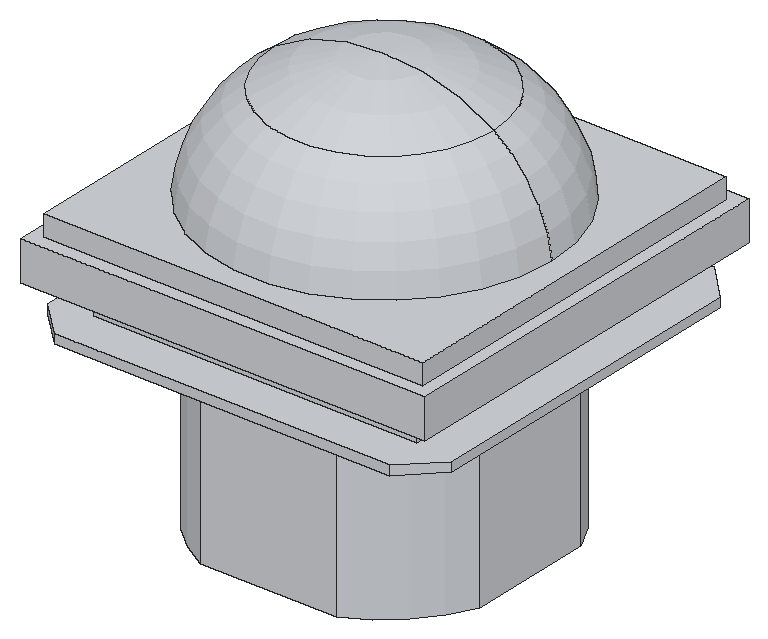
Revit family "Gira_126566", category Electrical Fixtures, host Face, Revit 2017
Family settings
  Host = Face
  Maintain Annotation Orientation = Yes
  Round Connector Dimension = Use Diameter
  Part Type = Normal
  Cut with Voids When Loaded = No
  Shared = No
  Room Calculation Point = No
Parameters (values of type "Colour camera door st. Gira TX_44 (WP FM) p.white")
  URL = "http://katalog.gira.de/en/datenblatt.html?artikelnr=126566"
  Name = "Colour camera door st. Gira TX_44 (WP FM) p.white"
  Mounting method = "Built-in"
  Material = "Other"
  Manufacturer URL = "https://www.gira.de/"
  Manufacturer = "Gira"
  Keynote = ""
  Installation technique = "Bus system"
  HeinzeBIM = "https://bimportal.heinze.de/bim/colour-camera-door-st-gira-tx-44-wp-fm-p-white/17e3f4063c877b01f21bf8ef42e4291bcc6c2846"
  HAN = "126566"
  GTIN = "4010337265665"
  Description = "Colour camera door st. TX_44 PW,Colour camera for door station,,pure white,Features:,- Installation in a conventional flush-mounted device box.,- Fits in the cover frames of the Gira TX_44 switch range.,- Modular design, allowing easy installation and expandability.,- Signal transmission and supply of the audio and video components via reverse-polarity-protected and short-circuit-proof 2-wire bus.,- Extension of door stations by a colour camera with automatic day or night switching.,- LEDs ensure steady illumination of the field of view at close proximity in night mode.,- Camera can be manually swivelled 20 horizontally and vertically. In combination with the wide-angle lens, a very wide field of view of the door entry area results.,- Automatic background lighting compensation.,- Automatic white balance.,- Automatic gain control (AGC).,- Integrated temperature-dependent camera heating.,- Sprayed-water proof cover plate.,- Camera cover plate made of shock-resistant plastic. Easy to replace if damaged, e.g. due to vandalism.,,Notes :,- The colour camera may not be positioned directly beneath a light.,- Suitable for use in a Gira energy profile.,- Not suitable for use in a Gira energy profile with light."
  Default Elevation = 1219.2 mm
  Data sheet (1) = "https://katalog.gira.de/en/download.html?artikelnr=126566"
  Colour = "White"
  Category = "External camera door communication"
  BIM (1) = "https://media.stage.bim.site/public/gira/36a6b08/TX44_Komplettgerät_Kamera.rfa?public/gira/36a6b08/TX44_Komplettgerät_Kamera.rfa"
  Available = "No"
Reference planes
  plane 1 "Center (Front/Back)": y = 0
  plane 2: z = 0
  plane 3 "Center (Left/Right)": x = 0
Forms (mm)
  Revolve 1, solid, detail levels fine
    sketch origin (0, 0, 0) x (1, 0, 0) y (0, 0, 1)
      loop
        arc (0, 32.748) -> (-9.934, 31.444) -> (-19.061, 27.309) r 34.111
        arc (-19.061, 27.309) -> (-26.095, 20.079) -> (-29.256, 10.5) r 22.465
        line (-29.256, 10.5) -> (0, 10.5) -> (0, 32.748)
      axis (0, 32.748) -> (0, 10.5)
    angle from 0 to 360
  Extrusion 2, solid, detail levels fine
    sketch origin (0, 0, 0) x (1, 0, 0) y (0, 1, 0)
      loop
        line (-33.15, 33.15) -> (-33.15, -33.15) -> (33.15, -33.15) -> (33.15, 33.15) -> (-33.15, 33.15)
    from 6.9 to 10.5
  Extrusion 3, solid, detail levels fine
    sketch origin (0, 0, 0) x (1, 0, 0) y (0, 1, 0)
      loop
        line (-35.383, -35.464) -> (35.383, -35.464) -> (35.383, 35.383) -> (-35.383, 35.383) -> (-35.383, -35.464)
    from 0 to 6.9
  Extrusion 4, solid, detail levels fine
    sketch origin (0, 0, 0) x (1, 0, 0) y (0, 1, 0)
      loop
        line (-25.6, 11.011) -> (-25.6, -11.175)
        arc (-25.6, -11.175) -> (-20.039, -19.494) -> (-11.9, -25.317) r 27.9
        line (-11.9, -25.317) -> (11.9, -25.317)
        arc (11.9, -25.317) -> (20.039, -19.494) -> (25.6, -11.175) r 27.9
        line (25.6, -11.175) -> (25.6, 11.011)
        arc (25.6, 11.011) -> (19.903, 19.47) -> (11.547, 25.317) r 27.9
        line (11.547, 25.317) -> (-11.547, 25.317)
        arc (-11.547, 25.317) -> (-19.903, 19.47) -> (-25.6, 11.011) r 27.9
    from -40.35 to -7.55
  Extrusion 5, solid, detail levels fine
    sketch origin (0, 0, 0) x (1, 0, 0) y (0, 1, 0)
      loop
        line (-29.35, 35.268) -> (-35.35, 29.268) -> (-35.35, -29.432) -> (-29.35, -35.432) -> (29.35, -35.432) -> (35.35, -29.432) -> (35.35, 29.268) -> (29.35, 35.268) -> (-29.35, 35.268)
    from -7.55 to -5.95
  Extrusion 6, solid, detail levels medium+fine
    sketch origin (0, 0, 0) x (1, 0, 0) y (0, 1, 0)
      loop
        line (-28.231, 28.231) -> (-28.231, -28.231) -> (28.231, -28.231) -> (28.231, 28.231) -> (-28.231, 28.231)
    from -5.95 to 0
  Extrusion 7, solid, detail levels fine
    sketch origin (0, 0, 0) x (1, 0, 0) y (0, 0, 1)
      loop
        line (-7.147, -40.35) -> (-7.147, -46.05) -> (7.153, -46.05) -> (7.153, -40.35) -> (-7.147, -40.35)
    from -22.856 to -17.807
  Extrusion 8, solid, detail levels medium
    sketch origin (0, 0, 0) x (1, 0, 0) y (0, 1, 0)
      loop
        line (-25.6, -25.317) -> (25.6, -25.317) -> (25.6, 25.317) -> (-25.6, 25.317) -> (-25.6, -25.317)
    from -46.05 to -7.55
  Extrusion 9, solid, detail levels medium
    sketch origin (0, 0, 0) x (1, 0, 0) y (0, 1, 0)
      loop
        line (35.35, 35.268) -> (-35.35, 35.268) -> (-35.35, -35.432) -> (35.35, -35.432) -> (35.35, 35.268)
    from -7.55 to -5.95
  Extrusion 10, solid, detail levels medium
    sketch origin (0, 0, 0) x (1, 0, 0) y (0, 1, 0)
      loop
        line (-35.383, -35.464) -> (35.383, -35.464) -> (35.383, 35.383) -> (-35.383, 35.383) -> (-35.383, -35.464)
    from 0 to 10.5
  Extrusion 11, solid, detail levels medium
    sketch origin (0, 0, 0) x (1, 0, 0) y (0, 1, 0)
      loop
        circle (0, 0) r 29.256
    from 10.5 to 32.8
  Extrusion 12, solid, detail levels coarse
    sketch origin (0, 0, 0) x (1, 0, 0) y (0, 1, 0)
      loop
        line (-35.383, -35.464) -> (35.383, -35.464) -> (35.383, 35.383) -> (-35.383, 35.383) -> (-35.383, -35.464)
    from -46.05 to 32.8
Dimensions and locks
  aligned and locked: plane 2 to host face
  aligned and locked: level to host face
  aligned and locked: plane 3 "Center (Left/Right)" to nested 1
  aligned and locked: plane 1 "Center (Front/Back)" to nested 1
Nested families
  nested 1: "Kamera" at (0, 0, 0), type "Kamera"
Connectors
  electrical at (0, -0.041, -46.05)
    settings: on Extrusion 12, index 1, voltage 220 V, apparent load 0 VA, apparent load phase1 0 VA, apparent load phase2 0 VA, apparent load phase3 0 VA, power factor 1, load classification "Other", number of poles 1, system type 30, power factor state 1, is connector primary yes, connector utility no, sub classification motor no, connector description ""
Definition of nested family "Kamera"
  Reference planes
    plane 1: y = 0
    plane 2: x = 0
  Lines and regions (mm)
    detail lines
      curve 1: line (-2.625, 3, 0) -> (-2.625, 0, 0)
      curve 2: line (-2.625, 0, 0) -> (1.746, 0, 0)
      curve 3: line (-2.625, 3, 0) -> (1.746, 3, 0)
      curve 4: line (-1.736, 2.158, 0) -> (-1.736, 0.828, 0)
      curve 5: line (-1.736, 2.158, 0) -> (1.478, 2.158, 0)
      curve 6: line (-1.736, 0.828, 0) -> (1.478, 0.828, 0)
      curve 7: line (1.746, 3, 0) -> (1.746, 2.3, 0)
      curve 8: line (1.478, 2.158, 0) -> (2.625, 2.768, 0)
      curve 9: line (2.625, 0.218, 0) -> (2.625, 2.768, 0)
      curve 10: line (1.478, 0.828, 0) -> (2.625, 0.218, 0)
      curve 11: line (1.746, 0, 0) -> (1.746, 0.685, 0)
